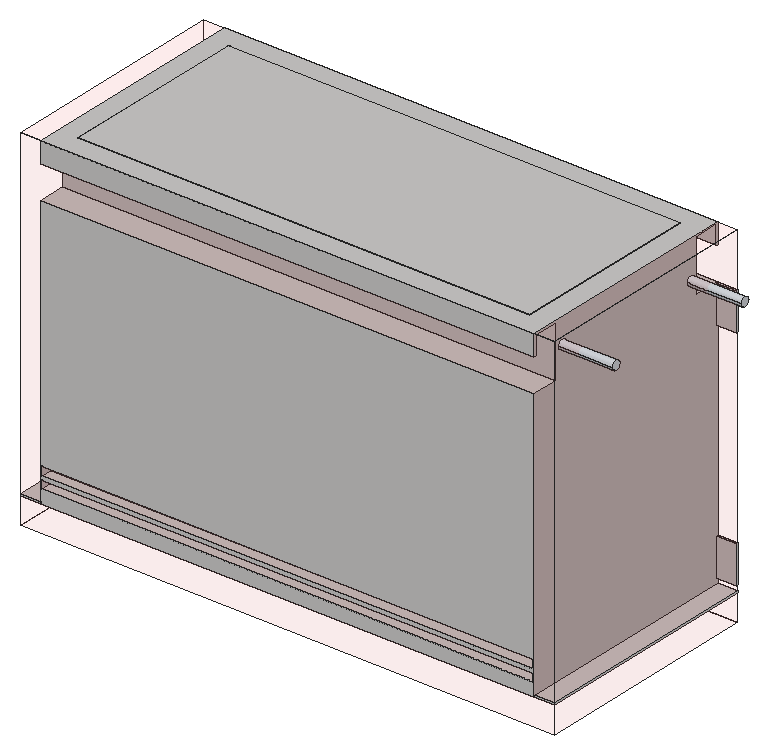
Revit family "Air-Curtain_Industrial_PoweredAire_HotWater", category Mechanical Equipment, host Face, Revit 2024
Family settings
  Host = Face
  Round Connector Dimension = Use Diameter
  Part Type = Normal
  OmniClass Number = 23.75.35.17.21
  OmniClass Title = Air Curtains
  Cut with Voids When Loaded = No
  Maintain Annotation Orientation = No
  Shared = No
  Room Calculation Point = No
Parameters
  upperrotation [instance] = if(Upper Pipe Connection Side A, 0.00°, 180.00°)  # 0.00°
  topbracket [instance] = and(Unit Height = 1' 4 3/4", Unit Depth = 1' 11 3/4")  # yes
  lowerrotation [instance] = if(Lower Pipe Connection Side A, 0.00°, 180.00°)  # 0.00°
  locateupperpipe [instance] = if(Upper Pipe Connection Side A, 0' 0", Nozzle Width)  # 0' - 0"
  locatelowerpipe [instance] = if(Lower Pipe Connection Side A, 0' 0", Nozzle Width)  # 0' - 0"
  Warranty Duration (Years) = 0
  Upper Pipe Connection Side A [instance] = yes
  Unit Width Notes = "Other Widths available."  # constant formula
  Unit Width = 3' - 3"
  Unit Weight = 0
  Unit Height = 1' - 4 3/4"
  Unit Depth = 1' - 11 3/4"
  URL = "http://www.poweredaire.com/"
  Test Data = ""
  Standards Conformance = "as Specified"
  Specification = "http://www.arcat.com/sdspecs/htm04/23_34_33pai.htm"
  SpecWizard = ""
  Sound Pressure = "as Specified"
  Sales Information = "http://www.poweredaire.com/contact_us"
  Revision = "R1_2016-08"
  Projection from Host [instance] = 0' - 2"
  Product Properties = ""
  Product Data = "http://www.arcat.com/arcatcos/cos47/arc47623.html"
  Power Rating = 0 W
  Piping_Water Flow [instance] = 0 GPM
  Piping_Operating Pressure [instance] = 0.00 psi
  Piping_Exit Temperature [instance] = 0 °F
  Piping_Entry Temperature [instance] = 0 °F
  Pipe OD [instance] = 5/8"
  Nozzle Width = if(1 = 1, Unit Width - 0' 3", 0' 0")  # 3' - 0"
  Mounting Width = if(1 = 1, Unit Width - 0' 1 1/2", 0' 0")  # 3' - 1 1/2"
  Mounting Height [instance] = 3' - 6"
  Motor RPM = 0
  Motor HP = 0
  Motor Count = 0
  Model = "As Specified"
  Max Height = 0' - 0"
  Manufacturer Website = "http://www.poweredaire.com/"
  Manufacturer Phone - Toll Free = "888-321-2473"
  Manufacturer Phone = "724-588-3305"
  Manufacturer Fax = "724-588-3371"
  Manufacturer Address = "109 Mortensen Rd.  Greenville, PA 16125"
  Manufacturer = "Powered Aire, Inc"
  Maintenance Schedule (Months) = 0
  Lower Pipe Connection Side A [instance] = yes
  Keynote = "23 34 33"
  Installation-Fabrication = ""
  Installation Phase = ""
  Include Clearance [instance] = yes
  Heating Element Load = 0 W
  HVAC_Temperature Rise = 0 °F
  HVAC_Outlet Volume = 0 CFM
  HVAC_Outlet Velocity Uniformity = 0
  HVAC_Outlet Velocity = 0 FPM
  HVAC_BTU Input = 0.0 Btu/h
  Green Building-LEED = "http://www.arcat.com/green/clients/leed_data_47623.html"
  Front Grating Material [instance] = Metal - Steel - PoweredAire - Stainless 304 Perforated
  Frame Finish [instance] = Metal - Steel - PoweredAire - Stainless 304
  Expected Lifespan (Years) = 0
  Electrical_Wattage [instance] = Power Rating + Heating Element Load  # 0 W
  Electrical_Voltage [instance] = 0 V
  Electrical_Phase [instance] = 1
  Electrical_Frequency [instance] = 0 Hz
  Electrical_Amperage [instance] = 0 A
  Drawn By = "Sumex Design, Inc. / Robert S. Weygant, CSI, CDT, SCIP"
  Description = "Powered Aire Air Curtain as Specified"
  Default Elevation = 0' - 0"  # constant formula
  Copyright = "©Arcat Inc."
  Construction Details = "http://www.arcat.com/details/powair/prod3336.html"
  Clearance_Top [instance] = 0' - 0"
  Clearance_Side B [instance] = 0' - 0"
  Clearance_Side A [instance] = 0' - 0"
  Clearance_Intake [instance] = 0' - 0"
  Clearance_Bottom [instance] = 0' - 0"
  Clearance Material [instance] = ARCAT Clearance
  Building Codes = ""
  Available Options [instance] = "as Specified"
  Assembly Code = "D3090400"
Reference planes (in)
  plane 1 "Center (Elevation)": y = 0.13818
  plane 2: z = 0
  plane 3 "Center (Left/Right)": x = 0
  plane 4: y = 8.51318
  plane 5: y = -8.23682
  plane 6: x = -19.5
  plane 7: x = 19.5
  plane 8: z = 25.75
  plane 9 "FF": y = -41.86182
  plane 10: z = 2
  plane 11: x = 18
  plane 12: x = -18
  plane 13: y = 8.51318
  plane 14: y = -8.23682
  plane 15: x = -19.5
  plane 16: x = 19.5
  plane 17: z = 25.75
  plane 18: x = 17.9375
  plane 19: x = -17.9375
  plane 20: x = 18
  plane 21: x = 18
  plane 22: y = 6.01318
  plane 23: y = -5.73682
Forms (in)
  Extrusion 1, solid, material "Metal - Steel - PoweredAire - Stainless 304" <- "Frame Finish"
    sketch origin (0, 0, 0) x (0, 1, 0) y (0, 0, 1)
      loop
        line (-8.23682, 2) -> (8.51318, 2) -> (8.51318, 21.8125) -> (6.51318, 21.8125) -> (6.51318, 25.625) -> (8.38818, 25.625) -> (8.38818, 24.25) -> (8.51318, 24.25) -> (8.51318, 25.75) -> (-8.23682, 25.75) -> (-8.23682, 24.25) -> (-8.11182, 24.25) -> (-8.11182, 25.625) -> (-6.23682, 25.625) -> (-6.23682, 21.8125) -> (-8.23682, 21.8125) -> (-8.23682, 2)
    from -18 to 18
  Extrusion 2, solid, material "ARCAT Clearance" <- "Clearance Material", visible <- "Include Clearance"
    sketch origin (0, 0, 0) x (0, 1, 0) y (0, 0, 1)
      loop
        line (-8.23682, 25.75) -> (-8.23682, 0) -> (8.51318, 0) -> (8.51318, 25.75) -> (-8.23682, 25.75)
    from -19.5 to 19.5
  Extrusion 3, solid, material "Metal - Steel - PoweredAire - Stainless 304" <- "Frame Finish"
    sketch origin (-15.17702, -180, 2) x (-1, 0, 0) y (0, -1, 0)
      loop
        line (-33.17702, -188.51318) -> (-33.17702, -171.76318) -> (-34.67702, -171.76318) -> (-34.67702, -188.51318) -> (-33.17702, -188.51318)
      loop
        line (2.82298, -188.51318) -> (4.32298, -188.51318) -> (4.32298, -171.76318) -> (2.82298, -171.76318) -> (2.82298, -188.51318)
    from 0 to 0.125
  Extrusion 4, solid, material "Metal - Steel - PoweredAire - Stainless 304" <- "Frame Finish", visible <- "topbracket"
    sketch origin (-11.83813, 8.51318, 48) x (-1, 0, 0) y (0, 0, 1)
      loop
        line (-29.83813, -45.5) -> (-29.83813, -42.75) -> (-31.33813, -42.75) -> (-31.33813, -45.5) -> (-29.83813, -45.5)
      loop
        line (-29.83813, -28.9375) -> (-29.83813, -26.1875) -> (-31.33813, -26.1875) -> (-31.33813, -28.9375) -> (-29.83813, -28.9375)
      loop
        line (6.16187, -45.5) -> (7.66187, -45.5) -> (7.66187, -42.75) -> (6.16187, -42.75) -> (6.16187, -45.5)
      loop
        line (6.16187, -28.9375) -> (7.66187, -28.9375) -> (7.66187, -26.1875) -> (6.16187, -26.1875) -> (6.16187, -28.9375)
    from 0 to -0.125
  Extrusion 5, void
    sketch origin (0, 0, 0) x (0, 1, 0) y (0, 0, 1)
      loop
        line (-8.23682, 3) -> (-7.23682, 3) -> (-7.23682, 4.5) -> (-8.23682, 4.5) -> (-8.23682, 3.82425) -> (-7.38364, 3.82425) -> (-7.38364, 3.57425) -> (-8.23682, 3.57425) -> (-8.23682, 3)
    from -17.9375 to 17.9375
  Extrusion 6, solid, material "Metal - Steel - PoweredAire - Stainless 304 Perforated" <- "Front Grating Material"
    sketch origin (0, -8.23682, 25.75) x (0, 1, 0) y (-1, 0, 0)
      loop
        line (15.25, 16.5) -> (1.5, 16.5) -> (1.5, -16.5) -> (15.25, -16.5) -> (15.25, 16.5)
    from 0 to 0.03125
  Sweep 7, solid
    path origin (18, 6.01318, 0) x (1, 0, 0) y (0, 1, 0)
      loop
        line (0, 0) -> (4, 0)
    profile origin (20, 6.01318, 0) x (0, 1, 0) y (0, 0, 1)
      loop
        circle (0, 23) r 0.3125
  Sweep 8, solid
    path origin (18, -5.73682, 0) x (1, 0, 0) y (0, 1, 0)
      loop
        line (0, 0) -> (4, 0)
    profile origin (20, -5.73682, 0) x (0, 1, 0) y (0, 0, 1)
      loop
        circle (0, 24) r 0.3125
Cuts and joins
  Extrusion 5 cuts Extrusion 1
Lines and regions (in)
  reference lines
    curve 1: line (18, 6.01318, 0) -> (22.75, 6.01318, 0)
    curve 2: line (18, -5.73682, 0) -> (23.75, -5.73682, 0)
Dimensions and locks (in)
  equal spacing: plane 4, plane 1 "Center (Elevation)", plane 5
  "Unit Height": plane 4 to plane 5
  equal spacing: plane 6, plane 3 "Center (Left/Right)", plane 7
  "Unit Width": plane 6 to plane 7
  "Mounting Height": plane 1 "Center (Elevation)" to plane 9 "FF"
  "Projection from Host": plane 10 to level
  "Unit Depth": plane 8 to plane 10
  locked: plane 6 to plane 12 at 1.5
  locked: plane 11 to plane 7 at 1.5
  "Clearance_Side A": plane 7 to plane 16
  "Clearance_Side B": plane 15 to plane 6
  "Clearance_Top": plane 13 to plane 4
  "Clearance_Bottom": plane 5 to plane 14
  "Clearance_Intake": plane 17 to plane 8
  plane 5 to Extrusion 1 sketch curve to Extrusion 1 sketch curve = 0' - 0 1/8" locked, 0' - 1 7/8" locked
  Extrusion 1 sketch curve to Extrusion 1 sketch curve to plane 4 = 0' - 1 7/8" locked, 0' - 0 1/8" locked
  Extrusion 4 sketch curve to Extrusion 4 sketch curve to Extrusion 4 sketch curve to Extrusion 4 sketch curve to plane 10 = 0' - 2 3/4" locked, 1' - 1 13/16" locked, 0' - 2 3/4" locked, 0' - 0 1/2" locked
  Extrusion 4 sketch curve to Extrusion 4 sketch curve to Extrusion 4 sketch curve to Extrusion 4 sketch curve = 0' - 2 3/4" locked, 1' - 1 13/16" locked, 0' - 2 3/4" locked
  locked: Extrusion 4 sketch curve to plane 10 at 0.5
  plane 8 to Extrusion 1 sketch curve to Extrusion 1 sketch curve = 0' - 0 1/8" locked, 0' - 1 3/8" locked  (x2)
  locked: Extrusion 1 sketch curve to plane 10 at 19.8125  (x2)
  Extrusion 5 sketch curve to Extrusion 5 sketch curve to Extrusion 5 sketch curve to Extrusion 5 sketch curve to plane 10 = 0' - 0.67575" locked, 0' - 0 1/4" locked, 0' - 0.57425" locked, 0' - 1" locked
  plane 5 to Extrusion 5 sketch curve to Extrusion 5 sketch curve = 0' - 0.85319" locked, 0' - 0.14681" locked
  locked: plane 19 to plane 12 at 0.0625
  locked: plane 11 to plane 18 at 0.0625
  locked: plane 4 to Extrusion 6 sketch curve at 1.5
  locked: Extrusion 6 sketch curve to plane 5 at 1.5
  locked: Extrusion 6 sketch curve to plane 11 at 1.5
  locked: plane 12 to Extrusion 6 sketch curve at 1.5
  "locateupperpipe": plane 20 to plane 11
  "locatelowerpipe": plane 21 to plane 11
  locked: plane 4 to plane 22 at 2.5
  locked: plane 23 to plane 5 at 2.5
  locked: curve 1 to Sweep 7 sketch curve at 4
  locked: curve 1 to Sweep 7 sketch curve
  locked: Sweep 7 sketch curve to plane 10 at 21
  locked: curve 2 to Sweep 8 sketch curve at 4
  locked: curve 2 to Sweep 8 sketch curve
  locked: Sweep 8 sketch curve to plane 10 at 22
  "upperrotation": angle plane 22 to curve 1
  "lowerrotation": angle plane 23 to curve 2
  aligned and locked: plane 2 to host face
  aligned and locked: level to host face
  aligned and locked: Extrusion 2 sketch curve to plane 17
  aligned and locked: plane 14 to Extrusion 2 sketch curve
  aligned and locked: level to Extrusion 2 sketch curve
  aligned and locked: Extrusion 2 sketch curve to plane 13
  aligned and locked: plane 16 to Extrusion 2
  aligned and locked: Extrusion 2 to plane 15
  aligned and locked: plane 11 to Extrusion 1
  aligned and locked: Extrusion 1 to plane 12
  aligned and locked: plane 21 to curve 2
  aligned and locked: plane 23 to curve 2
  aligned and locked: plane 22 to curve 1
  aligned and locked: plane 20 to curve 1
Automatic sketch dimensions
  host sketch curve to host sketch curve = 8' - 0"  (x2)
  Extrusion 1 sketch curve to plane 5 = 0' - 0"  (x2)
  Extrusion 1 sketch curve to plane 4 = 0' - 0"  (x2)
  Extrusion 1 sketch curve to plane 10 = 0' - 0"
  Extrusion 1 sketch curve to plane 8 = 0' - 0"
  plane 4 to Extrusion 3 sketch curve = 0' - 0"
  Extrusion 3 sketch curve to plane 7 = 0' - 0"
  plane 5 to Extrusion 3 sketch curve = 0' - 0"
  Extrusion 3 sketch curve to plane 11 = 0' - 0"
  Extrusion 3 sketch curve to plane 4 = 0' - 0"
  Extrusion 3 sketch curve to plane 12 = 0' - 0"
  Extrusion 3 sketch curve to plane 6 = 0' - 0"
  Extrusion 3 sketch curve to plane 5 = 0' - 0"
  Extrusion 4 sketch curve to plane 7 = 0' - 0"  (x2)
  Extrusion 4 sketch curve to plane 11 = 0' - 0"  (x2)
  Extrusion 4 sketch curve to plane 12 = 0' - 0"  (x2)
  Extrusion 4 sketch curve to plane 6 = 0' - 0"  (x2)
  Extrusion 5 sketch curve to plane 5 = 0' - 0"  (x2)
  Sweep 7 sketch curve to profile plane = 0' - 0"
  Sweep 8 sketch curve to profile plane = 0' - 0"
  radius of Sweep 7 sketch curve = 0' - 0 5/16"
  radius of Sweep 8 sketch curve = 0' - 0 5/16"
Connectors (in)
  piping at (22, 6.01318, 23), diameter 0.625, driven by "Pipe OD", driven by "Piping_Water Flow"
    settings: on Sweep 7, index 1, connector inside diameter 24", connector length 0' - 0", flow factor 0, pipe flow 0 GPM, pressure drop 0.00 psi, fitting loss kfactor 0, connector angle 0.00°, fixture units 0, engagement length 0' - 0", angle of deflection 0.00°, flow configuration 0, flow direction 0, fitting loss method 0, system type 29, joint type 0, gender type 0, connector reference index -1, connector utility 0, adjustable connector no, is connector primary yes, connector description "Define Supply or Return and Location"
  piping at (22, -5.73682, 24), diameter 0.625, driven by "Pipe OD", driven by "Piping_Water Flow"
    settings: on Sweep 8, index 2, connector inside diameter 24", connector length 0' - 0", flow factor 0, pipe flow 0 GPM, pressure drop 0.00 psi, fitting loss kfactor 0, connector angle 0.00°, fixture units 0, engagement length 0' - 0", angle of deflection 0.00°, flow configuration 0, flow direction 0, fitting loss method 0, system type 29, joint type 0, gender type 0, connector reference index -1, connector utility 0, adjustable connector no, is connector primary no, connector description "Define Supply or Return and Location"
  electrical at (-18, 0.13818, 21.39062), driven by "Electrical_Voltage", driven by "Electrical_Phase"
    settings: on cut or joined group of Extrusion 1, Extrusion 5, index 3, voltage 0 V, apparent load 0 VA, apparent load phase1 0 VA, apparent load phase2 0 VA, apparent load phase3 0 VA, power factor 1, load classification "Motor", number of poles 1, system type 31, power factor state 1, is connector primary yes, connector utility no, sub classification motor no, connector description ""
